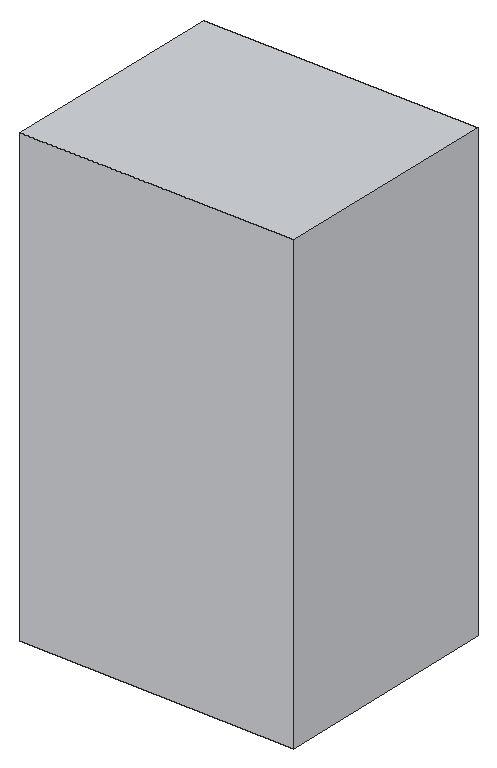
Revit family
Parameters
  Warranty Duration (Years) = 0
  Unit Width [instance] = 1' - 8 177/256"
  Unit Height [instance] = 0' - 9 99/256"
  Unit Depth = 0' - 0"
  URL = "http://www.americanspecialties.com/viewCategories.cfm"
  Test Data = ""
  Specification = "http://www.arcat.com/sdspecs/htm/10810asi.htm"
  SpecWizard = ""
  Send Message = "http://www.arcat.com/users.pl?action=UserEmail&company=American%20Specialties,%20Inc.&coid=30448&rep=139&fax=914-476-0688&mf="
  Sales Information = "http://www.americanspecialties.com/contact"
  Revision = "R1_10-2010"
  Trim Material = Metal - Stainless Steel
  Product Properties = "http://www.americanspecialties.com/datasheets/74022.pdf"
  Product Data = "http://www.arcat.com/arcatcos/cos30/arc30448.html"
  Body Material = Metal - Stainless Steel
  Model = "As Specified in 10 28 13"
  Manufacturer Website = "http://www.americanspecialties.com/viewCategories.cfm"
  Manufacturer Phone - Toll Free = ""
  Manufacturer Phone = "914-476-9000 "
  Manufacturer Fax = "914-476-0688"
  Manufacturer Address = "441 Saw Mill River Rd., Yonkers, NY 10701"
  Manufacturer = "American Specialties, Inc."
  Maintenance Schedule (Months) = 0
  Keynote = "10 28 13"
  Installation-Fabrication = "http://www.americanspecialties.com/products.cfm"
  Green Building-LEED = ""
  Expected Lifespan (Years) = 0
  Drawn By = "Robert S. Weygant. CSI, CDT, SCIP"  # constant formula
  Description = "Toilet Accessory as Specified in 10 28 13"
  Default Elevation = 4' - 0"
  Copyright = "©Arcat Inc."
  Construction Details = "http://www.arcat.com/green/clients/leed_data_30448.html"
  Building Codes = "http://www.americanspecialties.com/products.cfm"
  Assembly Code = "C1030210"
Reference planes (in)
  plane 1 "Center (Front/Back)": y = -0.22862
  plane 2 "Floor Line": z = 0
  plane 3: x = -6.97093
  plane 4: y = -6.54112
  plane 5: y = -0.97862
  plane 6: y = -5.79112
  plane 7: x = -0.65843
  plane 8: x = 5.65407
Forms (in)
  Extrusion 1, solid
    sketch origin (-3, -9, -6) x (0, 0, -1) y (1, 0, 0)
      loop
        line (-82, 26.34157) -> (-82, -19.34712) -> (-6, -19.34712) -> (-6, 26.34157) -> (-82, 26.34157)
    from 9 to -29.23637
  Extrusion 2, solid, material "Metal - Stainless Steel" <- "Body Material"
    sketch origin (0, 0, -2) x (1, 0, 0) y (0, 1, 0)
      loop
        line (-6.97093, -0.42371) -> (-6.97093, -6.34603)
        arc (-6.97093, -6.34603) -> (-6.91379, -6.48398) -> (-6.77584, -6.54112) r 0.19509
        line (-6.77584, -6.54112) -> (-0.85352, -6.54112)
        arc (-0.85352, -6.54112) -> (-0.71557, -6.48398) -> (-0.65843, -6.34603) r 0.19509
        line (-0.65843, -6.34603) -> (-0.65843, -0.42371)
        arc (-0.65843, -0.42371) -> (-0.71557, -0.28576) -> (-0.85352, -0.22862) r 0.19509
        line (-0.85352, -0.22862) -> (-6.77584, -0.22862)
        arc (-6.77584, -0.22862) -> (-6.91379, -0.28576) -> (-6.97093, -0.42371) r 0.19509
      loop
        arc (-6.04659, -0.97862) -> (-6.16987, -1.02968) -> (-6.22093, -1.15297) r 0.17435
        line (-6.22093, -1.15297) -> (-6.22093, -5.61677)
        arc (-6.22093, -5.61677) -> (-6.16987, -5.74005) -> (-6.04659, -5.79112) r 0.17435
        line (-6.04659, -5.79112) -> (-1.58278, -5.79112)
        arc (-1.58278, -5.79112) -> (-1.4595, -5.74005) -> (-1.40843, -5.61677) r 0.17435
        line (-1.40843, -5.61677) -> (-1.40843, -1.15297)
        arc (-1.40843, -1.15297) -> (-1.4595, -1.02968) -> (-1.58278, -0.97862) r 0.17435
        line (-1.58278, -0.97862) -> (-6.04659, -0.97862)
    from 2 to 2.125
  Extrusion 3, solid, material "Metal - Stainless Steel" <- "Body Material"
    sketch origin (-0.65843, -1.71875, -2) x (0, 1, 0) y (0, 0, 1)
      loop
        line (-1.16612, 3.9375) -> (-2.16612, 3.9375) -> (-2.16612, 2.125) -> (-1.16612, 2.125) -> (-1.16612, 3.9375)
    from -0.75 to -0.13825
  Extrusion 4, solid, material "Metal - Stainless Steel" <- "Body Material"
    sketch origin (-6.97093, -1.71875, -2) x (0, 1, 0) y (0, 0, -1)
      loop
        line (-1.16612, -3.9375) -> (-1.16612, -2.125) -> (-2.16612, -2.125) -> (-2.16612, -3.9375) -> (-1.16612, -3.9375)
    from -0.75 to -0.13825
  Extrusion 5, solid, material "Metal - Stainless Steel" <- "Body Material"
    sketch origin (-0.65843, -1.71875, -1.97999) x (0, 1, 0) y (0, 0, 1)
      loop
        circle (-1.6726, 3.22999) r 0.33333
    from -4 to -0.75
  Extrusion 6, solid, material "Metal - Stainless Steel" <- "Body Material"
    sketch origin (-0.65843, 0, 0) x (0, 1, 0) y (0, 0, 1)
      loop
        arc (-5.79112, 0) -> (-3.38487, -1.87683) -> (-0.97862, 0) r 2.48092
        line (-0.97862, 0) -> (-1.01085, 0)
        arc (-1.01085, 0) -> (-3.38487, -1.84558) -> (-5.75888, 0) r 2.44967
        line (-5.75888, 0) -> (-5.79112, 0)
    from -5.5625 to -0.75
  Extrusion 7, solid, material "Metal - Stainless Steel" <- "Body Material"
    sketch origin (-1.43968, 0, 0) x (0, 1, 0) y (0, 0, 1)
      loop
        arc (-5.79112, 0) -> (-3.38487, -1.87683) -> (-0.97862, 0) r 2.48092
        line (-0.97862, 0) -> (-5.79112, 0)
    from 0 to 0.03125
  Extrusion 8, solid, material "Metal - Stainless Steel" <- "Body Material"
    sketch origin (-6.22093, 0, 0) x (0, 1, 0) y (0, 0, 1)
      loop
        arc (-5.79112, 0) -> (-3.38487, -1.87683) -> (-0.97862, 0) r 2.48092
        line (-0.97862, 0) -> (-5.79112, 0)
    from 0 to 0.03125
  Extrusion 9, void
    sketch origin (0, 0, 0) x (1, 0, 0) y (0, 1, 0)
      loop
        line (-6.22093, -0.97862) -> (-6.22093, -5.79112) -> (-1.40843, -5.79112) -> (-1.40843, -0.97862) -> (-6.22093, -0.97862)
    from -1.99215 to 0
  Extrusion 10, solid, material "Metal - Stainless Steel" <- "Body Material"
    sketch origin (-0.65843, 0, 0) x (0, 1, 0) y (0, 0, 1)
      loop
        circle (-3.39135, 1.25) r 0.30208
    from -5.5625 to -4
  Extrusion 11, void
    sketch origin (0, 0, 0) x (1, 0, 0) y (0, 1, 0)
      loop
        circle (-5.68968, -3.38487) r 0.125
      loop
        circle (-1.93968, -3.38487) r 0.125
    from -1.87683 to -1.79907
  Extrusion 12, solid, material "Metal - Stainless Steel" <- "Body Material"
    sketch origin (6.3125, 0, -2) x (1, 0, 0) y (0, 1, 0)
      loop
        line (-6.97093, -0.42371) -> (-6.97093, -6.34603)
        arc (-6.97093, -6.34603) -> (-6.91379, -6.48398) -> (-6.77584, -6.54112) r 0.19509
        line (-6.77584, -6.54112) -> (-0.85352, -6.54112)
        arc (-0.85352, -6.54112) -> (-0.71557, -6.48398) -> (-0.65843, -6.34603) r 0.19509
        line (-0.65843, -6.34603) -> (-0.65843, -0.42371)
        arc (-0.65843, -0.42371) -> (-0.71557, -0.28576) -> (-0.85352, -0.22862) r 0.19509
        line (-0.85352, -0.22862) -> (-6.77584, -0.22862)
        arc (-6.77584, -0.22862) -> (-6.91379, -0.28576) -> (-6.97093, -0.42371) r 0.19509
      loop
        arc (-6.04659, -0.97862) -> (-6.16987, -1.02968) -> (-6.22093, -1.15297) r 0.17435
        line (-6.22093, -1.15297) -> (-6.22093, -5.61677)
        arc (-6.22093, -5.61677) -> (-6.16987, -5.74005) -> (-6.04659, -5.79112) r 0.17435
        line (-6.04659, -5.79112) -> (-1.58278, -5.79112)
        arc (-1.58278, -5.79112) -> (-1.4595, -5.74005) -> (-1.40843, -5.61677) r 0.17435
        line (-1.40843, -5.61677) -> (-1.40843, -1.15297)
        arc (-1.40843, -1.15297) -> (-1.4595, -1.02968) -> (-1.58278, -0.97862) r 0.17435
        line (-1.58278, -0.97862) -> (-6.04659, -0.97862)
    from 2 to 2.125
  Extrusion 13, solid, material "Metal - Stainless Steel" <- "Body Material"
    sketch origin (5.65407, -1.71875, -2) x (0, 1, 0) y (0, 0, 1)
      loop
        line (-1.16612, 3.9375) -> (-2.16612, 3.9375) -> (-2.16612, 2.125) -> (-1.16612, 2.125) -> (-1.16612, 3.9375)
    from -0.75 to -0.13825
  Extrusion 14, solid, material "Metal - Stainless Steel" <- "Body Material"
    sketch origin (-0.65843, -1.71875, -2) x (0, 1, 0) y (0, 0, -1)
      loop
        line (-1.16612, -3.9375) -> (-1.16612, -2.125) -> (-2.16612, -2.125) -> (-2.16612, -3.9375) -> (-1.16612, -3.9375)
    from -0.75 to -0.13825
  Extrusion 15, solid, material "Metal - Stainless Steel" <- "Body Material"
    sketch origin (5.65407, -1.71875, -1.97999) x (0, 1, 0) y (0, 0, 1)
      loop
        circle (-1.6726, 3.22999) r 0.33333
    from -4 to -0.75
  Extrusion 16, void
    sketch origin (6.3125, 0, 0) x (1, 0, 0) y (0, 1, 0)
      loop
        line (-6.22093, -0.97862) -> (-6.22093, -5.79112) -> (-1.40843, -5.79112) -> (-1.40843, -0.97862) -> (-6.22093, -0.97862)
    from -1.99215 to 0
  Extrusion 17, solid, material "Metal - Stainless Steel" <- "Body Material"
    sketch origin (5.65407, 0, 0) x (0, 1, 0) y (0, 0, 1)
      loop
        circle (-3.39135, 1.25) r 0.30208
    from -5.5625 to -4
  Extrusion 18, void
    sketch origin (6.3125, 0, 0) x (1, 0, 0) y (0, 1, 0)
      loop
        circle (-5.68968, -3.38487) r 0.125
      loop
        circle (-1.93968, -3.38487) r 0.125
    from -1.87683 to -1.79907
  Extrusion 19, solid, material "Metal - Stainless Steel" <- "Body Material"
    sketch origin (5.65407, 0, 0) x (0, 1, 0) y (0, 0, 1)
      loop
        arc (-5.79112, 0) -> (-3.38487, -1.87683) -> (-0.97862, 0) r 2.48092
        line (-0.97862, 0) -> (-1.01085, 0)
        arc (-1.01085, 0) -> (-3.38487, -1.84558) -> (-5.75888, 0) r 2.44967
        line (-5.75888, 0) -> (-5.79112, 0)
    from -5.5625 to -0.75
  Extrusion 20, solid, material "Metal - Stainless Steel" <- "Body Material"
    sketch origin (4.87282, 0, 0) x (0, 1, 0) y (0, 0, 1)
      loop
        arc (-5.79112, 0) -> (-3.38487, -1.87683) -> (-0.97862, 0) r 2.48092
        line (-0.97862, 0) -> (-5.79112, 0)
    from 0 to 0.03125
  Extrusion 21, solid, material "Metal - Stainless Steel" <- "Body Material"
    sketch origin (0.09157, 0, 0) x (0, 1, 0) y (0, 0, 1)
      loop
        arc (-5.79112, 0) -> (-3.38487, -1.87683) -> (-0.97862, 0) r 2.48092
        line (-0.97862, 0) -> (-5.79112, 0)
    from 0 to 0.03125
  Extrusion 22, void
    sketch origin (6.3125, 0, 0) x (1, 0, 0) y (0, 1, 0)
      loop
        circle (-5.68968, -3.38487) r 0.125
      loop
        circle (-1.93968, -3.38487) r 0.125
    from -1.87683 to -1.79907
Cuts and joins
  Extrusion 9, Extrusion 11, Extrusion 16 cuts Extrusion 2
  Extrusion 9 cuts Extrusion 3
  Extrusion 9 cuts Extrusion 4
  Extrusion 11 cuts Extrusion 5
  Extrusion 11, Extrusion 16, Extrusion 18, Extrusion 22 cuts Extrusion 6
  Extrusion 11 cuts Extrusion 10
  Extrusion 16 cuts Extrusion 7
  Extrusion 16 cuts Extrusion 8
  Extrusion 16 cuts Extrusion 12
  Extrusion 22 cuts Extrusion 19
Dimensions and locks (in)
  aligned and locked: Extrusion 1 to level
  aligned and locked: Extrusion 2 to plane 1 "Center (Front/Back)"
  aligned and locked: plane 5 to Extrusion 2
  aligned and locked: Extrusion 2 to plane 6
  aligned and locked: Extrusion 6 to Extrusion 2
  aligned and locked: Extrusion 7 sketch curve to Extrusion 6
  aligned and locked: Extrusion 2 to Extrusion 7 sketch curve
  aligned and locked: Extrusion 9 sketch curve to Extrusion 8
  aligned and locked: Extrusion 9 sketch curve to plane 5
  aligned and locked: Extrusion 9 sketch curve to plane 6
  aligned and locked: Extrusion 9 sketch curve to Extrusion 2
  aligned and locked: Extrusion 6 to Extrusion 5
  aligned and locked: cut or joined group of Extrusion 2, Extrusion 9, Extrusion 11, Extrusion 16 to plane 7
  aligned and locked: cut or joined group of Extrusion 2, Extrusion 9, Extrusion 11, Extrusion 16 to plane 3
  aligned and locked: Extrusion 16 sketch curve to Extrusion 12
  aligned and locked: Extrusion 20 sketch curve to Extrusion 19
